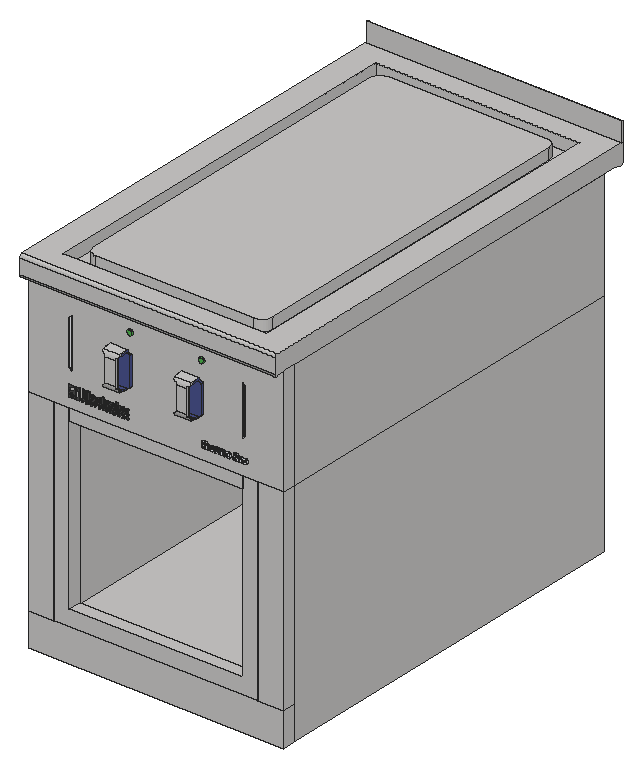
Revit family "QF_ELECTROLUXPROFESSIONAL_588677_MBTDGBEDAO", category Attrezzature speciali, Revit 2020
Family settings
  Quota connettore circolare = Usa diametro
  Tipo di parte = Normale
  Basato su piano di lavoro = No
  Sempre verticale = Sì
  Taglio con vuoti quando caricato = No
  Condiviso = No
  Punto di calcolo locali = No
Parameters (values of type "Standard")
  Weight = 90.00 kg
  Watts = 6000 W
  Volts = 400 V
  URL Manufacturer = "https://www.electroluxprofessional.com/"
  URL = "https://www.electroluxprofessional.com/"
  Steam Supply Size = 0"
  Steam Supply Minimum Pressure = 0.00 psi
  Steam Supply Maximum Pressure = 0.00 psi
  Steam Consumption per Hour = 0
  Refrigeration Suction Line Size = 0 mm
  Refrigeration Liquid Line Size = 0 mm
  Refrigerant Compressor Remote = yes
  Prospetto di default = 0 mm
  Phase = 3
  Modello = "MBTDGBEDAO"
  Produttore = "Electrolux Professional"
  Length Actual = 500 mm  # constant formula
  Item Number = "588677"
  Hot Water Size = 0"
  Height Actual = 700 mm  # constant formula
  HP = "8 HP"
  Gas Size = 0"
  Gas KW = 0
  Gas Input Pressure = 0.0 Btu/h
  Direct Waste Size = 0"
  Descrizione = "EL.FREE COOKING UNIT 1S,BSPL,500X850X700"
  Depth Actual = 850 mm  # constant formula
  Cycle = 50 Hz
  Condensate Return Size = 0"
  Compressed Air Volume = 0 GPM
  Compressed Air Size = 0"
  Compressed Air Pressure = 0.00 psi
  Cold Water Size = 0"
  Accessory = yes
Reference planes
  plane 1 "BACK": y = 0
  plane 2: z = 0
  plane 3 "LEFT": x = 0
  plane 4 "RIGHT": x = 500
  plane 5 "FRONT": y = -850
  plane 6 "TOP": z = 900
  plane 7 "Center (Left/Right)": x = 250
  plane 8: y = -425
  plane 9: y = -150
  plane 10: x = 50
  plane 11: x = 450
  plane 12: y = -42
  plane 13: y = -808
  plane 14 "EIx": x = 455
  plane 15 "EIy": y = -635
  plane 16: z = 938
  plane 17 "BaseTop": z = 650
  plane 18: y = -805
  plane 19 "Base": z = 200
Forms (mm)
  Extrusion 1, solid, material "QF_Finishes_Stainless Steel"
    sketch origin (-178.969, -4572, 100) x (-1, 0, 0) y (0, -1, 0)
      loop
        line (-178.969, -4527) -> (-178.969, -3767) -> (-678.969, -3767) -> (-678.969, -4527) -> (-178.969, -4527)
    from 550 to 762.969
  Extrusion 2, solid, material "QF_Finishes_Stainless Steel"
    sketch origin (0, 0, 200) x (-1, 0, 0) y (0, -1, 0)
      loop
        circle (-455, 635) r 6.35
    from 0 to -11.851
  Extrusion 3, solid, material "QF_Finishes_Stainless Steel"
    sketch origin (250, 296.4, 1219.2) x (0, 1, 0) y (0, 0, 1)
      loop
        line (-296.4, -319.2) -> (-1141.4, -319.2)
        arc (-1141.4, -319.2) -> (-1144.935, -320.664) -> (-1146.4, -324.2) r 5
        line (-1146.4, -324.2) -> (-1146.4, -355.2)
        arc (-1146.4, -355.2) -> (-1144.971, -358.264) -> (-1141.705, -359.139) r 4
        line (-1141.705, -359.139) -> (-1126.4, -356.231) -> (-316.4, -356.231) -> (-301.094, -359.139)
        arc (-301.094, -359.139) -> (-297.829, -358.264) -> (-296.4, -355.2) r 4
        line (-296.4, -355.2) -> (-296.4, -319.2)
    from -250 to 250
  Extrusion 4, solid, material "QF_Finishes_Stainless Steel"
    sketch origin (0, 0, 900) x (-1, 0, 0) y (0, -1, 0)
      loop
        arc (-95, 67) -> (-80.858, 72.858) -> (-75, 87) r 20
        line (-75, 87) -> (-75, 763)
        arc (-75, 763) -> (-80.858, 777.142) -> (-95, 783) r 20
        line (-95, 783) -> (-405, 783)
        arc (-405, 783) -> (-419.142, 777.142) -> (-425, 763) r 20
        line (-425, 763) -> (-425, 87)
        arc (-425, 87) -> (-419.142, 72.858) -> (-405, 67) r 20
        line (-405, 67) -> (-95, 67)
    from 1 to -20
  Extrusion 5, void
    sketch origin (0, 0, 900) x (-1, 0, 0) y (0, -1, 0)
      loop
        line (-50, 808) -> (-450, 808) -> (-450, 42) -> (-50, 42) -> (-50, 808)
    from 0 to -25
  Extrusion 6, solid, material "QF_Finishes_Stainless Steel"
    sketch origin (250, 296.4, 1219.2) x (0, 1, 0) y (0, 0, 1)
      loop
        line (-296.4, -319.2) -> (-296.4, -281.2) -> (-298.4, -281.2) -> (-298.4, -319.2) -> (-296.4, -319.2)
    from 250 to -250
Cuts and joins
  Extrusion 5 cuts Extrusion 3
Lines and regions (mm)
  symbolic lines
    curve 1: line (0, 0, 100) -> (500, 0, 100)
    curve 2: line (0, -850, 100) -> (0, 0, 100)
    curve 3: line (500, -850, 100) -> (0, -850, 100)
    curve 4: line (500, 0, 100) -> (500, -850, 100)
    curve 5: line (50, -808, 0) -> (450, -808, 0)
    curve 6: line (450, -808, 0) -> (450, -42, 0)
    curve 7: line (450, -42, 0) -> (50, -42, 0)
    curve 8: line (50, -42, 0) -> (50, -808, 0)
    curve 9: line (0, -2, 0) -> (500, -2, 0)
Dimensions and locks
  plane 3 "LEFT" to plane 4 "RIGHT" = 500 mm
  locked: plane 5 "FRONT" to plane 1 "BACK" at 850
  equal spacing: plane 3 "LEFT", plane 7 "Center (Left/Right)", plane 4 "RIGHT"
  equal spacing: plane 5 "FRONT", plane 8, plane 1 "BACK"
  plane 6 "TOP" to level = 900 mm  (x2)
  plane 1 "BACK" to plane 9 = 150 mm
  plane 1 "BACK" to Extrusion 2 = 635 mm
  locked: plane 14 "EIx" to plane 4 "RIGHT" at 45
  locked: plane 15 "EIy" to plane 1 "BACK" at 635
  plane 16 to plane 6 "TOP" = 38 mm
  plane 12 to plane 1 "BACK" = 42 mm
  plane 5 "FRONT" to plane 13 = 42 mm
  plane 3 "LEFT" to plane 10 = 50 mm
  plane 11 to plane 4 "RIGHT" = 50 mm
  locked: plane 6 "TOP" to plane 17 "BaseTop" at 250
  locked: plane 18 to plane 5 "FRONT" at 45
  aligned and locked: level to plane 2
  aligned and locked: cut or joined group of Extrusion 3, Extrusion 5 to plane 3 "LEFT"
  aligned and locked: cut or joined group of Extrusion 3, Extrusion 5 to plane 4 "RIGHT"
  aligned and locked: Extrusion 5 sketch curve to plane 10
  aligned and locked: plane 12 to Extrusion 5 sketch curve
  aligned and locked: plane 11 to Extrusion 5 sketch curve
  aligned and locked: Extrusion 5 sketch curve to plane 13
  aligned and locked: nested 1 to plane 18
  aligned and locked: Extrusion 1 to plane 18
  aligned and locked: Extrusion 6 to plane 3 "LEFT"
  aligned and locked: Extrusion 6 to plane 4 "RIGHT"
  aligned and locked: plane 3 "LEFT" to nested 1
  aligned and locked: plane 3 "LEFT" to nested 2
  aligned and locked: Extrusion 1 to nested 2
Automatic sketch dimensions
  Extrusion 3 sketch curve to plane 5 "FRONT" = 0 mm
  Extrusion 3 sketch curve to plane 6 "TOP" = 0 mm
  Extrusion 3 sketch curve to plane 1 "BACK" = 0 mm
  Extrusion 3 sketch curve to plane 5 "FRONT" = 4 mm
  Extrusion 3 sketch curve to Extrusion 3 sketch curve = 0.695 mm
  Extrusion 3 sketch curve to plane 5 "FRONT" = 5 mm
  Extrusion 3 sketch curve to Extrusion 3 sketch curve = 15.305 mm
  plane 1 "BACK" to Extrusion 3 sketch curve = 20 mm
  plane 1 "BACK" to Extrusion 3 sketch curve = 4.695 mm
  Extrusion 3 sketch curve to Extrusion 3 sketch curve = 4 mm
  Extrusion 3 sketch curve to Extrusion 3 sketch curve = 31 mm
  Extrusion 3 sketch curve to plane 6 "TOP" = 36 mm
  Extrusion 3 sketch curve to Extrusion 3 sketch curve = 2.909 mm
  Extrusion 1 sketch curve to plane 4 "RIGHT" = 0 mm
  Extrusion 1 sketch curve to plane 3 "LEFT" = 0 mm
  plane 1 "BACK" to Extrusion 1 sketch curve = 45 mm
  plane 1 "BACK" to curve 1 = 0 mm
  curve 1 to plane 4 "RIGHT" = 0 mm
  curve 2 to plane 3 "LEFT" = 0 mm
  plane 5 "FRONT" to curve 3 = 0 mm
  Extrusion 1 sketch curve to plane 5 "FRONT" = 45 mm
  Extrusion 6 sketch curve to plane 6 "TOP" = 0 mm
  Extrusion 6 sketch curve to plane 16 = 0 mm
  Extrusion 6 sketch curve to plane 1 "BACK" = 0 mm
  Extrusion 6 sketch curve to Extrusion 6 sketch curve = 2 mm
  curve 9 to plane 3 "LEFT" = 0 mm
  curve 5 to plane 10 = 0 mm
  curve 6 to plane 11 = 0 mm
  curve 9 to plane 4 "RIGHT" = 0 mm
  plane 13 to curve 5 = 0 mm
  plane 12 to curve 7 = 0 mm
  plane 1 "BACK" to curve 9 = 2 mm
  plane 11 to Extrusion 4 sketch curve = 25 mm
  Extrusion 4 sketch curve to Extrusion 4 sketch curve = 20 mm  (x3)
  plane 9 to Extrusion 4 sketch curve = 63 mm
  Extrusion 4 sketch curve to plane 10 = 45 mm
  Extrusion 4 sketch curve to plane 13 = 45 mm  (x2)
  Extrusion 2 sketch curve to plane 14 "EIx" = 0 mm
  Extrusion 2 sketch curve to plane 15 "EIy" = 0 mm
  radius of Extrusion 2 sketch curve = 6.35 mm
Nested families
  nested 1: "Front_Panel_W500_2 Knobs_2Spie" at (52.376, -805, 0), type "Front_Panel_W500_2 Knobs_2Spie"
  nested 2: "QF_ELECTROLUXPROFESSIONAL_588641_MB1NCAEOOO" at (0, 0, 0), type "QF_ELECTROLUXPROFESSIONAL_588641_MB1NCAEOOO"
    with Type Mark "", Specification by User "", Revision Code "", Item Number "", Installed By "", Identify Quantity as Lot yes, Furnished By "", Foodservice Equipment Identifier yes
Connectors
  electrical at (455, -635, 188.149)
    settings: on Extrusion 2, index 1, voltage 400 V, apparent load 33000 VA, apparent load phase1 0 VA, apparent load phase2 0 VA, apparent load phase3 0 VA, power factor 1, load classification "Other", number of poles 1, system type 30, power factor state 1, is connector primary yes, connector utility no, sub classification motor no, connector description "ELECTRICAL CONNECTION"
Definition of nested family "Front_Panel_W500_2 Knobs_2Spie"
  Parameters
    Default Elevation = 0 mm
  Reference planes
    plane 1 "Center (Front/Back)": y = 0
    plane 2: z = 0
    plane 3 "Center (Left/Right)": x = 197.624
    plane 4 "Left": x = -52.376
    plane 5 "Right": x = 447.624
    plane 6: y = -45
    plane 7 "Panel": y = -25
  Forms (mm)
    Extrusion 1, solid
      sketch origin (833.217, 829.203, -1.25) x (0, 1, 0) y (0, 0, 1)
        loop
          line (-854.203, 651.25) -> (-829.203, 651.25) -> (-829.203, 864.25) -> (-854.203, 864.25) -> (-854.203, 651.25)
      from -885.593 to -385.593
    Extrusion 2, void
      sketch origin (0, -25, -10) x (0, 0, 1) y (-1, 0, 0)
        loop
          line (731.866, -27.624) -> (726.866, -32.624) -> (823.866, -32.624) -> (818.866, -27.624) -> (731.866, -27.624)
        loop
          line (731.866, -372.624) -> (818.866, -372.624) -> (823.866, -367.624) -> (726.866, -367.624) -> (731.866, -372.624)
      from 0 to -2
    Extrusion 3, solid
      sketch origin (160, -25, 1.163) x (0, 0, 1) y (-1, 0, 0)
        loop
          circle (824.337, 12.376) r 5
      from 0 to 1.7
    Extrusion 4, solid
      sketch origin (0, -25, -10) x (0, 0, 1) y (-1, 0, 0)
        loop
          line (731.866, -27.624) -> (726.866, -32.624) -> (823.866, -32.624) -> (818.866, -27.624) -> (731.866, -27.624)
        loop
          line (726.866, -367.624) -> (731.866, -372.624) -> (818.866, -372.624) -> (823.866, -367.624) -> (726.866, -367.624)
      from 0 to -2
    Extrusion 5, solid
      sketch origin (300, -25, 1.163) x (0, 0, 1) y (-1, 0, 0)
        loop
          circle (824.337, 12.376) r 5
      from 0 to 1.7
  Cuts and joins
    Extrusion 2 cuts Extrusion 1
  Dimensions and locks
    equal spacing: plane 5 "Right", plane 3 "Center (Left/Right)", plane 4 "Left"
    plane 5 "Right" to plane 4 "Left" = 500 mm
    aligned and locked: cut or joined group of Extrusion 1, Extrusion 2 to plane 4 "Left"
    aligned and locked: plane 5 "Right" to cut or joined group of Extrusion 1, Extrusion 2
  Automatic sketch dimensions
    Extrusion 1 sketch curve to plane 7 "Panel" = 0 mm
    Extrusion 1 sketch curve to plane 1 "Center (Front/Back)" = 0 mm
    level to Extrusion 1 sketch curve = 650 mm
    Extrusion 1 sketch curve to Extrusion 1 sketch curve = 213 mm
    Extrusion 2 sketch curve to plane 5 "Right" = 80 mm
    level to Extrusion 2 sketch curve = 716.866 mm
    plane 4 "Left" to Extrusion 2 sketch curve = 85 mm
    Extrusion 2 sketch curve to Extrusion 2 sketch curve = 0 mm
    plane 4 "Left" to Extrusion 2 sketch curve = 80 mm
    Extrusion 2 sketch curve to Extrusion 2 sketch curve = 5 mm  (x4)
    Extrusion 2 sketch curve to plane 5 "Right" = 75 mm
    Extrusion 2 sketch curve to Extrusion 2 sketch curve = 87 mm  (x2)
    Extrusion 3 sketch curve to plane 3 "Center (Left/Right)" = 50 mm
    level to Extrusion 3 sketch curve = 825.5 mm
    Extrusion 4 sketch curve to plane 5 "Right" = 80 mm
    level to Extrusion 4 sketch curve = 716.866 mm
    plane 4 "Left" to Extrusion 4 sketch curve = 85 mm
    Extrusion 4 sketch curve to Extrusion 4 sketch curve = 0 mm
    Extrusion 4 sketch curve to Extrusion 4 sketch curve = 5 mm  (x5)
    plane 4 "Left" to Extrusion 4 sketch curve = 80 mm
    Extrusion 4 sketch curve to Extrusion 4 sketch curve = 87 mm  (x2)
    plane 3 "Center (Left/Right)" to Extrusion 5 sketch curve = 90 mm
    level to Extrusion 5 sketch curve = 825.5 mm
    radius of Extrusion 3 sketch curve = 5 mm
    radius of Extrusion 5 sketch curve = 5 mm
  Nested families
    nested 1: "Range Control Handle" at (127.624, -28.137, -209.113) x (-1, 0, 0) z (0, 0, 1), type "Range Control Handle"
    nested 2: "ELX_ThermaLine_Small" at (328.825, -25, 679.391) x (1, 0, 0) z (0, -1, 0), type "ELX_ThermaLine_Small"
      with Show Logo yes, Material_Logo none
    nested 3: "ELX_Professional_Logo_Small" at (87.097, -25, 681.624) x (1, 0, 0) z (0, -1, 0), type "ELX_Professional_Logo_Small"
      with Show Logo yes, Material_Logo none
    nested 4: "Range Control Handle" at (267.624, -28.137, -209.113) x (-1, 0, 0) z (0, 0, 1), type "Range Control Handle"
  Definition of nested family "Range Control Handle"
    Parameters
      Default Elevation = 0 mm
    Reference planes
      plane 1 "Center (Front/Back)": y = 0
      plane 2: z = 0
      plane 3 "Center (Left/Right)": x = 0
      plane 4: z = 971.092
      plane 5: y = -16.9
    Forms (mm)
      Extrusion 1, solid
        sketch origin (-746.28, 380.497, 208.931) x (-1, 0, 0) y (0, 0, 1)
          loop
            line (-770.101, 786.798) -> (-770.101, 731.649)
            arc (-770.101, 731.649) -> (-769.759, 730.563) -> (-768.855, 729.87) r 1.893
            line (-768.855, 729.87) -> (-763.474, 727.911) -> (-729.81, 727.911) -> (-724.428, 729.87)
            arc (-724.428, 729.87) -> (-723.525, 730.563) -> (-723.183, 731.649) r 1.893
            line (-723.183, 731.649) -> (-723.183, 786.798)
            arc (-723.183, 786.798) -> (-723.529, 787.894) -> (-724.44, 788.593) r 1.91
            line (-724.44, 788.593) -> (-729.683, 790.819) -> (-763.601, 790.819) -> (-768.844, 788.593)
            arc (-768.844, 788.593) -> (-769.755, 787.894) -> (-770.101, 786.798) r 1.91
        from -382.35 to -378.852
      Sweep 2, solid
        path origin (-746.788, 380.496, 208.091) x (0, -1, 0) y (0, 0, 1)
          loop
            line (379.775, 793.281) -> (395.661, 791.048)
            arc (395.661, 791.048) -> (397.781, 787.377) -> (398.517, 783.202) r 12.207
            line (398.517, 783.202) -> (398.517, 737.368)
            arc (398.517, 737.368) -> (397.781, 733.193) -> (395.661, 729.522) r 12.207
            line (395.661, 729.522) -> (379.775, 727.289)
        profile origin (-746.788, -7.222, 1000.256) x (0, -0.139173, 0.990268) y (-1, 0, 0)
          loop
            line (0.782, -763.123) -> (0.782, -730.907) -> (-1.322, -730.907) -> (-1.322, -763.123) -> (0.782, -763.123)
      Sweep 3, solid
        path origin (-746.788, 380.715, 207.832) x (0, -1, 0) y (0, 0, 1)
          loop
            line (380.478, 795.442) -> (397.218, 793.09)
            arc (397.218, 793.09) -> (399.929, 788.473) -> (400.871, 783.202) r 15.207
            line (400.871, 783.202) -> (400.871, 737.584)
            arc (400.871, 737.584) -> (399.914, 732.274) -> (397.164, 727.633) r 15.207
            line (397.164, 727.633) -> (380.601, 725.305)
        profile origin (-746.788, -8.132, 1002.099) x (0, -0.139173, 0.990268) y (-1, 0, 0)
          loop
            line (0.782, -763.123) -> (0.782, -730.907) -> (-1.322, -730.907) -> (-1.322, -763.123) -> (0.782, -763.123)
      Extrusion 4, void
        sketch origin (889.253, 220.666, 207.993) x (1, 0, 0) y (0, 0, 1)
          loop
            line (-943.038, 816.854) -> (-943.038, 703.686) -> (-899.466, 734.196) -> (-899.466, 786.344) -> (-943.038, 816.854)
        from 230.636 to 242.25
      Extrusion 5, void
        sketch origin (-888.8, 220.666, 207.993) x (-1, 0, 0) y (0, 0, -1)
          loop
            line (-943.038, -816.854) -> (-899.466, -786.344) -> (-899.466, -734.196) -> (-943.038, -703.686) -> (-943.038, -816.854)
        from 230.636 to 242.25
      Extrusion 6, solid
        sketch origin (0, 0, 0) x (1, 0, 0) y (0, 0, 1)
          loop
            circle (0, 971.092) r 7.736
        from -3.137 to -1.645
    Cuts and joins
      Extrusion 4, Extrusion 5 cuts Sweep 3
      Extrusion 4, Extrusion 5 cuts Sweep 2
      joined: Extrusion 1, Extrusion 6
    Lines and regions (mm)
      symbolic lines
        curve 1: line (16.334, -16.9, 0) -> (16.334, -19.227, 0)
        curve 2: spline (16.334, -19.227, 0) -> (15.87, -19.385, 0) -> (15.404, -19.536, 0) -> (14.936, -19.678, 0) -> (14.466, -19.813, 0) -> (13.995, -19.94, 0) -> (13.523, -20.059, 0) -> (13.049, -20.171, 0) -> (12.575, -20.274, 0) -> (12.099, -20.37, 0) -> (11.622, -20.458, 0) -> (11.144, -20.537, 0) -> (10.666, -20.609, 0)
        curve 3: line (10.666, -16.9, 0) -> (10.666, -20.938, 0)
        curve 4: line (-10.213, -20.938, 0) -> (10.666, -20.938, 0)
        curve 5: line (-10.213, -20.938, 0) -> (-10.213, -16.9, 0)
        curve 6: spline (-10.213, -20.609, 0) -> (-10.691, -20.537, 0) -> (-11.169, -20.458, 0) -> (-11.646, -20.37, 0) -> (-12.122, -20.274, 0) -> (-12.597, -20.171, 0) -> (-13.07, -20.059, 0) -> (-13.542, -19.94, 0) -> (-14.013, -19.813, 0) -> (-14.483, -19.678, 0) -> (-14.951, -19.536, 0) -> (-15.417, -19.385, 0) -> (-15.881, -19.227, 0)
        curve 7: line (-15.881, -19.227, 0) -> (-15.881, -16.9, 0)
  Definition of nested family "ELX_ThermaLine_Small"
    Parameters
      Show Logo [instance] = yes
      Material_Logo [instance] = none
      Default Elevation = 0 mm
    Reference planes
      plane 1 "Centro (Fronte/Retro)": y = 0
      plane 2: z = 0
      plane 3 "Centro (Sinistra/Destra)": x = 0
    Forms (mm)
      Extrusion 1, solid
        sketch origin (0, 0, 0) x (1, 0, 0) y (0, 1, 0)
          loop
            line (-1219.2, 1219.2) -> (-1219.2, -1219.2) -> (1219.2, -1219.2) -> (1219.2, 1219.2) -> (-1219.2, 1219.2)
        from 0 to -304.8
      Extrusion 2, solid
        sketch origin (0, 0, 0) x (1, 0, 0) y (0, 1, 0)
          loop
            line (-37.494, 1.229) -> (-35.908, 1.229) -> (-35.908, 3.066) -> (-37.494, 3.066) -> (-37.494, 6.221) -> (-39.867, 4.881) -> (-39.867, 3.066) -> (-40.969, 3.066) -> (-40.969, 1.229) -> (-39.867, 1.229) -> (-39.867, -3.407)
            arc (-39.867, -3.407) -> (-38.982, -5.513) -> (-36.751, -6.001) r 2.478
            line (-36.751, -6.001) -> (-35.638, -5.7) -> (-35.9, -3.835) -> (-36.661, -4.039)
            arc (-36.661, -4.039) -> (-37.236, -3.924) -> (-37.494, -3.399) r 0.662
            line (-37.494, -3.399) -> (-37.494, 1.229)
          loop
            line (-34.242, 6.539) -> (-34.242, -5.848) -> (-31.854, -5.848) -> (-31.854, -0.078)
            arc (-31.854, -0.078) -> (-30.939, 1.249) -> (-29.33, 1.367) r 1.866
            arc (-29.33, 1.367) -> (-28.695, 0.768) -> (-28.461, -0.073) r 1.627
            line (-28.461, -0.073) -> (-28.461, -5.848) -> (-26.086, -5.848) -> (-26.064, -0.46)
            arc (-26.064, -0.46) -> (-26.261, 0.932) -> (-26.786, 2.237) r 5.825
            arc (-26.786, 2.237) -> (-29.381, 3.264) -> (-31.854, 1.971) r 3.353
            line (-31.854, 1.971) -> (-31.854, 6.539) -> (-34.242, 6.539)
          loop
            arc (-18.398, -0.598) -> (-18.893, 0.879) -> (-20.326, 1.487) r 1.897
            arc (-20.326, 1.487) -> (-21.461, 0.708) -> (-21.897, -0.598) r 2.164
            line (-21.897, -0.598) -> (-18.398, -0.598)
          loop
            arc (-16.021, -2.044) -> (-16.754, 1.227) -> (-19.444, 3.226) r 4.814
            arc (-19.444, 3.226) -> (-22.137, 2.788) -> (-23.943, 0.743) r 4.054
            arc (-23.943, 0.743) -> (-24.382, -1.249) -> (-24.162, -3.276) r 6.289
            arc (-24.162, -3.276) -> (-23.302, -4.71) -> (-21.958, -5.705) r 4.28
            arc (-21.958, -5.705) -> (-18.558, -5.814) -> (-16.152, -3.409) r 4.28
            line (-16.152, -3.409) -> (-18.5, -2.995)
            arc (-18.5, -2.995) -> (-19.273, -3.994) -> (-20.533, -4.076) r 1.536
            arc (-20.533, -4.076) -> (-21.56, -3.281) -> (-21.958, -2.044) r 2.197
            line (-21.958, -2.044) -> (-16.021, -2.044)
          loop
            line (-14.165, -5.848) -> (-11.819, -5.848) -> (-11.819, -2.138)
            arc (-11.819, -2.138) -> (-11.787, -1.156) -> (-11.637, -0.185) r 8.18
            arc (-11.637, -0.185) -> (-10.644, 0.972) -> (-9.132, 0.776) r 1.603
            line (-9.132, 0.776) -> (-8.419, 2.846)
            arc (-8.419, 2.846) -> (-10.432, 3.118) -> (-11.994, 1.821) r 2.527
            line (-11.994, 1.821) -> (-11.994, 3.094) -> (-14.165, 3.094) -> (-14.165, -5.848)
          loop
            line (-7.579, 3.094) -> (-7.579, -5.848) -> (-5.178, -5.848) -> (-5.178, -0.756)
            arc (-5.178, -0.756) -> (-4.727, 0.679) -> (-3.417, 1.419) r 2.05
            arc (-3.417, 1.419) -> (-2.499, 0.908) -> (-2.155, -0.085) r 1.471
            line (-2.155, -0.085) -> (-2.155, -5.848) -> (0.23, -5.848) -> (0.23, -1.001)
            arc (0.23, -1.001) -> (0.47, 0.127) -> (1.148, 1.061) r 2.775
            arc (1.148, 1.061) -> (2.225, 1.329) -> (3.05, 0.587) r 1.182
            arc (3.05, 0.587) -> (3.199, -0.019) -> (3.214, -0.642) r 2.894
            line (3.214, -0.642) -> (3.214, -5.848) -> (5.601, -5.848) -> (5.601, 0.261)
            arc (5.601, 0.261) -> (4.87, 2.263) -> (2.976, 3.241) r 2.932
            arc (2.976, 3.241) -> (1.284, 2.973) -> (-0.047, 1.896) r 3.309
            arc (-0.047, 1.896) -> (-1.116, 2.865) -> (-2.506, 3.258) r 3.16
            arc (-2.506, 3.258) -> (-4.105, 2.942) -> (-5.376, 1.92) r 3.419
            line (-5.376, 1.92) -> (-5.376, 3.094) -> (-7.579, 3.094)
          loop
            line (7.583, 0.738) -> (9.702, 0.364)
            arc (9.702, 0.364) -> (11.441, 1.492) -> (12.855, -0.023) r 1.613
            line (12.855, -0.023) -> (9.782, -0.789)
            arc (9.782, -0.789) -> (8.559, -1.346) -> (7.617, -2.305) r 3.687
            arc (7.617, -2.305) -> (7.499, -3.681) -> (7.901, -5.003) r 3.651
            arc (7.901, -5.003) -> (9.107, -5.766) -> (10.515, -6.006) r 3.635
            arc (10.515, -6.006) -> (11.898, -5.697) -> (13.067, -4.895) r 3.734
            line (13.067, -4.895) -> (13.376, -5.848) -> (15.75, -5.848) -> (15.212, -4.193) -> (15.212, 0.38)
            arc (15.212, 0.38) -> (14.897, 1.849) -> (13.818, 2.895) r 2.585
            arc (13.818, 2.895) -> (11.792, 3.442) -> (9.719, 3.11) r 5.005
            arc (9.719, 3.11) -> (8.369, 2.178) -> (7.583, 0.738) r 3.54
          loop
            line (19.723, -5.848) -> (22.233, -5.848) -> (24.854, 6.484) -> (22.345, 6.484) -> (19.723, -5.848)
          loop
            line (24.583, -5.848) -> (26.953, -5.848) -> (28.848, 3.066) -> (26.478, 3.066) -> (24.583, -5.848)
          loop
            line (27.204, 6.484) -> (26.741, 4.305) -> (29.111, 4.305) -> (29.575, 6.484) -> (27.204, 6.484)
          loop
            line (29.355, -5.848) -> (31.849, -5.848) -> (33.098, 0.028)
            arc (33.098, 0.028) -> (34.169, 1.306) -> (35.832, 1.422) r 2.132
            arc (35.832, 1.422) -> (36.324, 0.752) -> (36.383, -0.078) r 1.5
            line (36.383, -0.078) -> (35.157, -5.848) -> (37.536, -5.848) -> (38.936, 0.738)
            arc (38.936, 0.738) -> (38.775, 2.091) -> (37.825, 3.066) r 2.118
            arc (37.825, 3.066) -> (35.392, 3.175) -> (33.295, 1.937) r 4.271
            line (33.295, 1.937) -> (33.535, 3.066) -> (31.25, 3.066) -> (29.355, -5.848)
          loop
            line (42.792, -0.64) -> (46.589, -0.64)
            arc (46.589, -0.64) -> (46.639, 0.124) -> (46.327, 0.823) r 1.589
            arc (46.327, 0.823) -> (45.117, 1.521) -> (43.762, 1.183) r 1.865
            arc (43.762, 1.183) -> (43.141, 0.344) -> (42.792, -0.64) r 3.538
          loop
            line (42.565, -2.138) -> (48.593, -2.138)
            arc (48.593, -2.138) -> (48.58, 0.597) -> (46.983, 2.818) r 4.494
            arc (46.983, 2.818) -> (44.191, 3.28) -> (41.725, 1.891) r 4.26
            arc (41.725, 1.891) -> (40.503, -0.3) -> (40.284, -2.799) r 6.003
            arc (40.284, -2.799) -> (40.959, -4.468) -> (42.377, -5.576) r 3.482
            arc (42.377, -5.576) -> (44.265, -5.961) -> (46.152, -5.576) r 4.823
            arc (46.152, -5.576) -> (47.432, -4.731) -> (48.328, -3.485) r 4.245
            line (48.328, -3.485) -> (46.168, -3.105)
            arc (46.168, -3.105) -> (45.214, -4.072) -> (43.859, -4.181) r 1.953
            arc (43.859, -4.181) -> (42.821, -3.408) -> (42.565, -2.138) r 1.81
          loop
            line (12.868, -1.553) -> (10.216, -2.214)
            arc (10.216, -2.214) -> (9.747, -3.136) -> (10.216, -4.058) r 1.14
            arc (10.216, -4.058) -> (11.537, -4.249) -> (12.614, -3.46) r 1.763
            arc (12.614, -3.46) -> (12.858, -2.522) -> (12.868, -1.553) r 3.97
        from 0 to 1.6
    Dimensions and locks
      aligned and locked: plane 2 to Extrusion 1
      aligned and locked: level to Extrusion 1
  Definition of nested family "ELX_Professional_Logo_Small"
    Parameters
      Show Logo [instance] = yes
      Material_Logo [instance] = none
      Default Elevation = 0 mm
    Reference planes
      plane 1 "Centro (Fronte/Retro)": y = 0
      plane 2: z = 0
      plane 3 "Centro (Sinistra/Destra)": x = 0
    Forms (mm)
      Extrusion 1, solid
        sketch origin (0, 0, 0) x (1, 0, 0) y (0, 1, 0)
          loop
            line (-1219.2, 1219.2) -> (-1219.2, -1219.2) -> (1219.2, -1219.2) -> (1219.2, 1219.2) -> (-1219.2, 1219.2)
        from 0 to -304.8
      Extrusion 2, solid, material <- "Material_Logo"
        sketch origin (15.5, 0, 0) x (1, 0, 0) y (0, 1, 0)
          loop
            spline (-42.99, -1.24) -> (-43.195, -1.231) -> (-43.415, -1.203) -> (-43.642, -1.152) -> (-43.87, -1.074) -> (-44.095, -0.966) -> (-44.309, -0.825) -> (-44.506, -0.647) -> (-44.681, -0.429) -> (-44.828, -0.167) -> (-44.94, 0.142) -> (-45.011, 0.501) -> (-45.037, 0.915)
            line (-45.037, 0.915) -> (-45.037, 2.748) -> (-38.984, 2.748) -> (-38.984, 5.086) -> (-45.038, 5.086) -> (-45.038, 8.489) -> (-38.599, 8.489) -> (-38.599, 10.82) -> (-47.515, 10.82) -> (-47.515, 1.021)
            spline (-47.515, 1.021) -> (-47.493, 0.418) -> (-47.425, -0.15) -> (-47.311, -0.682) -> (-47.15, -1.175) -> (-46.939, -1.628) -> (-46.678, -2.038) -> (-46.365, -2.404) -> (-46, -2.723) -> (-45.58, -2.995) -> (-45.105, -3.216) -> (-44.573, -3.385) -> (-43.983, -3.499)
            line (-43.983, -3.499) -> (-43.01, -3.569) -> (-38.426, -3.569) -> (-38.426, -1.24) -> (-42.99, -1.24)
          loop
            line (-36.666, 4.021) -> (-36.666, -3.573) -> (-34.188, -3.573) -> (-34.188, 10.824) -> (-36.666, 10.824) -> (-36.666, 4.021)
          loop
            spline (-21.915, 1.897) -> (-21.957, 2.615) -> (-22.082, 3.303) -> (-22.285, 3.955) -> (-22.563, 4.564) -> (-22.913, 5.124) -> (-23.331, 5.629) -> (-23.814, 6.074) -> (-24.359, 6.451) -> (-24.961, 6.755) -> (-25.618, 6.98) -> (-26.326, 7.119) -> (-27.081, 7.167)
            spline (-27.081, 7.167) -> (-27.853, 7.122) -> (-28.586, 6.99) -> (-29.275, 6.774) -> (-29.915, 6.478) -> (-30.5, 6.104) -> (-31.024, 5.657) -> (-31.483, 5.138) -> (-31.871, 4.553) -> (-32.182, 3.904) -> (-32.411, 3.194) -> (-32.552, 2.427) -> (-32.6, 1.606)
            spline (-32.6, 1.606) -> (-32.553, 0.805) -> (-32.416, 0.057) -> (-32.193, -0.637) -> (-31.887, -1.271) -> (-31.504, -1.843) -> (-31.048, -2.35) -> (-30.523, -2.788) -> (-29.934, -3.154) -> (-29.284, -3.444) -> (-28.579, -3.656) -> (-27.822, -3.785) -> (-27.019, -3.829)
            spline (-27.019, -3.829) -> (-26.627, -3.82) -> (-26.239, -3.79) -> (-25.856, -3.739) -> (-25.477, -3.663) -> (-25.103, -3.562) -> (-24.734, -3.432) -> (-24.369, -3.273) -> (-24.01, -3.082) -> (-23.655, -2.858) -> (-23.305, -2.597) -> (-22.96, -2.299) -> (-22.621, -1.962)
            line (-22.621, -1.962) -> (-24.114, -0.509)
            spline (-24.114, -0.509) -> (-24.311, -0.699) -> (-24.509, -0.872) -> (-24.71, -1.03) -> (-24.915, -1.172) -> (-25.126, -1.297) -> (-25.346, -1.407) -> (-25.576, -1.5) -> (-25.817, -1.576) -> (-26.072, -1.636) -> (-26.342, -1.678) -> (-26.629, -1.704) -> (-26.936, -1.713)
            spline (-26.936, -1.713) -> (-27.384, -1.691) -> (-27.805, -1.625) -> (-28.196, -1.518) -> (-28.556, -1.372) -> (-28.882, -1.187) -> (-29.174, -0.966) -> (-29.429, -0.71) -> (-29.645, -0.422) -> (-29.821, -0.102) -> (-29.955, 0.247) -> (-30.045, 0.623) -> (-30.089, 1.026)
            line (-30.089, 1.026) -> (-21.956, 1.026) -> (-21.915, 1.897)
          loop
            spline (-24.446, 2.769) -> (-24.47, 3.075) -> (-24.54, 3.37) -> (-24.654, 3.65) -> (-24.807, 3.913) -> (-24.996, 4.156) -> (-25.219, 4.376) -> (-25.472, 4.57) -> (-25.753, 4.736) -> (-26.057, 4.869) -> (-26.382, 4.968) -> (-26.724, 5.03) -> (-27.081, 5.051)
            spline (-27.081, 5.051) -> (-27.464, 5.03) -> (-27.832, 4.97) -> (-28.183, 4.872) -> (-28.513, 4.74) -> (-28.819, 4.577) -> (-29.099, 4.384) -> (-29.347, 4.165) -> (-29.563, 3.923) -> (-29.742, 3.659) -> (-29.881, 3.377) -> (-29.977, 3.079) -> (-30.027, 2.769)
            line (-30.027, 2.769) -> (-24.446, 2.769)
          loop
            spline (-18.167, 1.669) -> (-18.138, 2.13) -> (-18.055, 2.567) -> (-17.921, 2.978) -> (-17.739, 3.358) -> (-17.512, 3.705) -> (-17.243, 4.016) -> (-16.937, 4.287) -> (-16.596, 4.517) -> (-16.223, 4.7) -> (-15.823, 4.835) -> (-15.398, 4.919) -> (-14.951, 4.947)
            spline (-14.951, 4.947) -> (-14.677, 4.938) -> (-14.414, 4.913) -> (-14.162, 4.871) -> (-13.921, 4.812) -> (-13.69, 4.738) -> (-13.467, 4.649) -> (-13.254, 4.544) -> (-13.048, 4.424) -> (-12.85, 4.291) -> (-12.659, 4.143) -> (-12.474, 3.981) -> (-12.295, 3.806)
            line (-12.295, 3.806) -> (-10.76, 5.403)
            spline (-10.76, 5.403) -> (-11.065, 5.709) -> (-11.38, 5.984) -> (-11.703, 6.228) -> (-12.035, 6.443) -> (-12.375, 6.63) -> (-12.723, 6.788) -> (-13.078, 6.92) -> (-13.44, 7.026) -> (-13.809, 7.107) -> (-14.184, 7.164) -> (-14.564, 7.198) -> (-14.951, 7.209)
            spline (-14.951, 7.209) -> (-15.725, 7.161) -> (-16.467, 7.02) -> (-17.169, 6.792) -> (-17.826, 6.482) -> (-18.43, 6.096) -> (-18.976, 5.637) -> (-19.455, 5.112) -> (-19.862, 4.525) -> (-20.19, 3.882) -> (-20.433, 3.189) -> (-20.584, 2.449) -> (-20.635, 1.669)
            spline (-20.635, 1.669) -> (-20.584, 0.889) -> (-20.433, 0.149) -> (-20.19, -0.545) -> (-19.862, -1.187) -> (-19.455, -1.774) -> (-18.976, -2.299) -> (-18.43, -2.758) -> (-17.826, -3.145) -> (-17.169, -3.454) -> (-16.467, -3.682) -> (-15.725, -3.823) -> (-14.951, -3.871)
            spline (-14.951, -3.871) -> (-14.564, -3.86) -> (-14.184, -3.826) -> (-13.809, -3.77) -> (-13.44, -3.689) -> (-13.078, -3.583) -> (-12.723, -3.451) -> (-12.375, -3.292) -> (-12.035, -3.105) -> (-11.703, -2.89) -> (-11.38, -2.646) -> (-11.065, -2.371) -> (-10.76, -2.066)
            line (-10.76, -2.066) -> (-12.295, -0.468)
            spline (-12.295, -0.468) -> (-12.474, -0.643) -> (-12.659, -0.805) -> (-12.85, -0.953) -> (-13.048, -1.087) -> (-13.254, -1.206) -> (-13.467, -1.311) -> (-13.69, -1.4) -> (-13.921, -1.475) -> (-14.162, -1.533) -> (-14.414, -1.575) -> (-14.677, -1.6) -> (-14.951, -1.609)
            spline (-14.951, -1.609) -> (-15.398, -1.581) -> (-15.823, -1.497) -> (-16.223, -1.362) -> (-16.596, -1.179) -> (-16.937, -0.95) -> (-17.243, -0.678) -> (-17.512, -0.367) -> (-17.739, -0.02) -> (-17.921, 0.36) -> (-18.055, 0.771) -> (-18.138, 1.208) -> (-18.167, 1.669)
          loop
            spline (-4.441, -1.243) -> (-4.659, -1.247) -> (-4.894, -1.23) -> (-5.137, -1.19) -> (-5.384, -1.121) -> (-5.628, -1.021) -> (-5.864, -0.884) -> (-6.084, -0.708) -> (-6.283, -0.488) -> (-6.454, -0.219) -> (-6.592, 0.101) -> (-6.69, 0.478) -> (-6.742, 0.914)
            line (-6.742, 0.914) -> (-6.742, 4.587) -> (-4.487, 4.587) -> (-4.487, 6.838) -> (-6.738, 6.838) -> (-6.738, 10.824) -> (-9.217, 10.824) -> (-9.217, 0.773)
            spline (-9.217, 0.773) -> (-9.164, 0.19) -> (-9.068, -0.358) -> (-8.928, -0.87) -> (-8.742, -1.343) -> (-8.511, -1.777) -> (-8.232, -2.168) -> (-7.904, -2.515) -> (-7.527, -2.816) -> (-7.098, -3.069) -> (-6.618, -3.273) -> (-6.084, -3.426) -> (-5.496, -3.525)
            line (-5.496, -3.525) -> (-4.45, -3.573) -> (-4.441, -1.243)
          loop
            spline (3.898, 6.983) -> (3.469, 7.009) -> (3.056, 7.001) -> (2.661, 6.961) -> (2.283, 6.888) -> (1.925, 6.785) -> (1.588, 6.652) -> (1.272, 6.49) -> (0.979, 6.301) -> (0.71, 6.085) -> (0.465, 5.844) -> (0.247, 5.578) -> (0.056, 5.289)
            line (0.056, 5.289) -> (0.056, 6.838) -> (-2.402, 6.838) -> (-2.402, -3.572) -> (0.056, -3.572) -> (0.056, 1.901)
            spline (0.056, 1.901) -> (0.079, 2.316) -> (0.145, 2.703) -> (0.254, 3.06) -> (0.404, 3.386) -> (0.592, 3.679) -> (0.818, 3.938) -> (1.08, 4.162) -> (1.375, 4.348) -> (1.703, 4.495) -> (2.062, 4.602) -> (2.45, 4.668) -> (2.865, 4.69)
            line (2.865, 4.69) -> (3.898, 4.586) -> (3.898, 6.983)
          loop
            spline (15.638, 1.633) -> (15.586, 2.396) -> (15.435, 3.124) -> (15.192, 3.81) -> (14.863, 4.449) -> (14.455, 5.034) -> (13.975, 5.56) -> (13.43, 6.021) -> (12.826, 6.411) -> (12.17, 6.724) -> (11.469, 6.955) -> (10.729, 7.098) -> (9.958, 7.147)
            spline (9.958, 7.147) -> (9.182, 7.098) -> (8.44, 6.955) -> (7.737, 6.724) -> (7.081, 6.411) -> (6.477, 6.021) -> (5.933, 5.56) -> (5.454, 5.034) -> (5.048, 4.449) -> (4.721, 3.81) -> (4.479, 3.124) -> (4.329, 2.396) -> (4.277, 1.633)
            spline (4.277, 1.633) -> (4.329, 0.869) -> (4.479, 0.141) -> (4.721, -0.544) -> (5.048, -1.183) -> (5.454, -1.768) -> (5.933, -2.294) -> (6.477, -2.755) -> (7.081, -3.145) -> (7.737, -3.459) -> (8.44, -3.69) -> (9.182, -3.833) -> (9.958, -3.882)
            spline (9.958, -3.882) -> (10.729, -3.833) -> (11.469, -3.69) -> (12.17, -3.459) -> (12.826, -3.145) -> (13.43, -2.755) -> (13.975, -2.294) -> (14.455, -1.768) -> (14.863, -1.183) -> (15.192, -0.544) -> (15.435, 0.141) -> (15.586, 0.869) -> (15.638, 1.633)
          loop
            spline (13.18, 1.633) -> (13.151, 2.083) -> (13.067, 2.513) -> (12.932, 2.918) -> (12.748, 3.296) -> (12.52, 3.642) -> (12.251, 3.954) -> (11.943, 4.227) -> (11.601, 4.459) -> (11.228, 4.645) -> (10.828, 4.782) -> (10.403, 4.867) -> (9.958, 4.896)
            spline (9.958, 4.896) -> (9.509, 4.867) -> (9.081, 4.782) -> (8.679, 4.645) -> (8.306, 4.459) -> (7.964, 4.227) -> (7.658, 3.954) -> (7.39, 3.642) -> (7.163, 3.296) -> (6.981, 2.918) -> (6.847, 2.513) -> (6.765, 2.083) -> (6.736, 1.633)
            spline (6.736, 1.633) -> (6.765, 1.182) -> (6.847, 0.753) -> (6.981, 0.347) -> (7.163, -0.031) -> (7.39, -0.377) -> (7.658, -0.689) -> (7.964, -0.962) -> (8.306, -1.193) -> (8.679, -1.38) -> (9.081, -1.517) -> (9.509, -1.602) -> (9.958, -1.631)
            spline (9.958, -1.631) -> (10.403, -1.602) -> (10.828, -1.517) -> (11.228, -1.38) -> (11.601, -1.193) -> (11.943, -0.962) -> (12.251, -0.689) -> (12.52, -0.377) -> (12.748, -0.031) -> (12.932, 0.347) -> (13.067, 0.753) -> (13.151, 1.182) -> (13.18, 1.633)
          loop
            line (17.162, 4.269) -> (17.162, -3.573) -> (19.642, -3.573) -> (19.642, 10.824) -> (17.162, 10.824) -> (17.162, 4.269)
          loop
            line (28.581, 6.838) -> (28.581, 0.786)
            spline (28.581, 0.786) -> (28.561, 0.393) -> (28.503, 0.038) -> (28.409, -0.279) -> (28.281, -0.559) -> (28.122, -0.802) -> (27.933, -1.011) -> (27.717, -1.185) -> (27.476, -1.325) -> (27.213, -1.433) -> (26.929, -1.509) -> (26.626, -1.554) -> (26.308, -1.569)
            spline (26.308, -1.569) -> (25.99, -1.554) -> (25.688, -1.509) -> (25.404, -1.434) -> (25.141, -1.326) -> (24.9, -1.187) -> (24.684, -1.014) -> (24.496, -0.807) -> (24.336, -0.565) -> (24.209, -0.288) -> (24.115, 0.026) -> (24.057, 0.376) -> (24.037, 0.765)
            line (24.037, 0.765) -> (24.037, 6.838) -> (21.537, 6.838) -> (21.537, 0.558)
            spline (21.537, 0.558) -> (21.581, -0.153) -> (21.71, -0.8) -> (21.916, -1.384) -> (22.195, -1.904) -> (22.54, -2.362) -> (22.944, -2.757) -> (23.403, -3.09) -> (23.909, -3.362) -> (24.456, -3.572) -> (25.04, -3.722) -> (25.652, -3.811) -> (26.288, -3.841)
            spline (26.288, -3.841) -> (26.929, -3.811) -> (27.547, -3.72) -> (28.135, -3.568) -> (28.687, -3.355) -> (29.197, -3.079) -> (29.66, -2.741) -> (30.068, -2.341) -> (30.415, -1.877) -> (30.696, -1.349) -> (30.905, -0.757) -> (31.034, -0.101) -> (31.079, 0.621)
            line (31.079, 0.621) -> (31.079, 6.838) -> (28.581, 6.838)
          loop
            line (40.457, -0.243) -> (38.894, 1.942) -> (40.83, 4.579) -> (42.488, 6.837) -> (39.782, 6.837) -> (37.53, 3.719) -> (35.258, 6.837) -> (32.573, 6.837) -> (34.113, 4.731) -> (36.167, 1.922) -> (34.014, -1.076) -> (32.222, -3.573) -> (34.887, -3.573) -> (37.53, 0.104) -> (40.174, -3.573) -> (42.839, -3.573) -> (40.457, -0.243)
          loop
            line (-46.121, -5.837) -> (-48.039, -5.837) -> (-48.039, -10.814) -> (-47.016, -10.814) -> (-47.016, -9.128) -> (-46.121, -9.128)
            arc (-46.121, -9.128) -> (-44.476, -7.482) -> (-46.121, -5.837) r 1.645
          loop
            line (-46.163, -6.778) -> (-47.016, -6.778) -> (-47.016, -8.187) -> (-46.163, -8.187)
            arc (-46.163, -8.187) -> (-45.458, -7.482) -> (-46.163, -6.778) r 0.704
          loop
            line (-38.313, -5.837) -> (-40.265, -5.837) -> (-40.265, -10.814) -> (-39.241, -10.814) -> (-39.241, -9.1) -> (-38.46, -9.182) -> (-37.48, -10.814) -> (-36.318, -10.814) -> (-37.513, -8.848)
            arc (-37.513, -8.848) -> (-36.888, -8.266) -> (-36.671, -7.441) r 1.536
            arc (-36.671, -7.441) -> (-37.165, -6.305) -> (-38.313, -5.837) r 1.643
          loop
            arc (-38.402, -8.166) -> (-37.707, -7.505) -> (-38.334, -6.778) r 0.696
            line (-38.334, -6.778) -> (-39.241, -6.778) -> (-39.241, -8.166) -> (-38.402, -8.166)
          loop
            circle (-29.965, -8.325) r 2.585
          loop
            circle (-29.965, -8.325) r 1.64
          loop
            line (-23.1, -5.837) -> (-23.1, -10.814) -> (-22.076, -10.814) -> (-22.076, -8.768) -> (-20.204, -8.768) -> (-20.204, -7.828) -> (-22.076, -7.828) -> (-22.076, -6.778) -> (-20.024, -6.778) -> (-20.024, -5.837) -> (-23.1, -5.837)
          loop
            line (-15.802, -5.837) -> (-15.802, -9.2)
            arc (-15.802, -9.2) -> (-15.343, -10.34) -> (-14.209, -10.814) r 1.593
            line (-14.209, -10.814) -> (-12.602, -10.814) -> (-12.602, -10.027) -> (-14.004, -10.027)
            arc (-14.004, -10.027) -> (-14.552, -9.8) -> (-14.779, -9.252) r 0.775
            line (-14.779, -9.252) -> (-14.779, -8.424) -> (-12.789, -8.424) -> (-12.789, -7.642) -> (-14.779, -7.642) -> (-14.779, -6.778) -> (-12.651, -6.778) -> (-12.651, -5.837) -> (-15.802, -5.837)
          loop
            line (-5.909, -7.143) -> (-5.173, -6.638)
            arc (-5.173, -6.638) -> (-5.855, -5.974) -> (-6.781, -5.755) r 1.782
            arc (-6.781, -5.755) -> (-7.397, -5.878) -> (-7.944, -6.189) r 1.974
            arc (-7.944, -6.189) -> (-8.202, -6.5) -> (-8.317, -6.888) r 1.013
            arc (-8.317, -6.888) -> (-8.306, -7.341) -> (-8.192, -7.78) r 1.985
            arc (-8.192, -7.78) -> (-7.749, -8.259) -> (-7.171, -8.563) r 1.928
            arc (-7.171, -8.563) -> (-6.637, -8.779) -> (-6.131, -9.056) r 5.041
            arc (-6.131, -9.056) -> (-5.934, -9.387) -> (-6.09, -9.74) r 0.42
            arc (-6.09, -9.74) -> (-6.631, -9.96) -> (-7.204, -9.845) r 1.016
            arc (-7.204, -9.845) -> (-7.625, -9.603) -> (-7.889, -9.196) r 1.033
            line (-7.889, -9.196) -> (-8.67, -9.686)
            arc (-8.67, -9.686) -> (-8.361, -10.198) -> (-7.908, -10.589) r 1.914
            arc (-7.908, -10.589) -> (-7.334, -10.834) -> (-6.714, -10.896) r 2.063
            arc (-6.714, -10.896) -> (-5.947, -10.743) -> (-5.256, -10.376) r 2.696
            arc (-5.256, -10.376) -> (-4.95, -9.565) -> (-5.108, -8.712) r 1.618
            arc (-5.108, -8.712) -> (-5.448, -8.319) -> (-5.884, -8.035) r 1.876
            arc (-5.884, -8.035) -> (-6.434, -7.789) -> (-6.999, -7.577) r 9.883
            arc (-6.999, -7.577) -> (-7.325, -7.07) -> (-6.854, -6.694) r 0.45
            arc (-6.854, -6.694) -> (-6.329, -6.809) -> (-5.909, -7.143) r 1.197
          loop
            line (1.61, -7.143) -> (2.345, -6.638)
            arc (2.345, -6.638) -> (1.663, -5.974) -> (0.737, -5.755) r 1.782
            arc (0.737, -5.755) -> (0.121, -5.878) -> (-0.425, -6.189) r 1.974
            arc (-0.425, -6.189) -> (-0.683, -6.5) -> (-0.799, -6.888) r 1.013
            arc (-0.799, -6.888) -> (-0.788, -7.341) -> (-0.674, -7.78) r 1.985
            arc (-0.674, -7.78) -> (-0.231, -8.259) -> (0.347, -8.563) r 1.928
            arc (0.347, -8.563) -> (0.881, -8.779) -> (1.387, -9.056) r 5.041
            arc (1.387, -9.056) -> (1.584, -9.387) -> (1.428, -9.74) r 0.42
            arc (1.428, -9.74) -> (0.887, -9.96) -> (0.314, -9.845) r 1.016
            arc (0.314, -9.845) -> (-0.107, -9.603) -> (-0.371, -9.196) r 1.033
            line (-0.371, -9.196) -> (-1.152, -9.686)
            arc (-1.152, -9.686) -> (-0.842, -10.198) -> (-0.39, -10.589) r 1.914
            arc (-0.39, -10.589) -> (0.184, -10.834) -> (0.804, -10.896) r 2.063
            arc (0.804, -10.896) -> (1.572, -10.743) -> (2.263, -10.376) r 2.696
            arc (2.263, -10.376) -> (2.568, -9.565) -> (2.411, -8.712) r 1.618
            arc (2.411, -8.712) -> (2.07, -8.319) -> (1.635, -8.035) r 1.876
            arc (1.635, -8.035) -> (1.084, -7.789) -> (0.519, -7.577) r 9.883
            arc (0.519, -7.577) -> (0.193, -7.07) -> (0.665, -6.694) r 0.45
            arc (0.665, -6.694) -> (1.189, -6.809) -> (1.61, -7.143) r 1.197
          loop
            line (6.801, -5.837) -> (6.801, -10.814) -> (7.825, -10.814) -> (7.825, -5.837) -> (6.801, -5.837)
          loop
            circle (14.724, -8.325) r 1.548
          loop
            circle (14.724, -8.325) r 2.585
          loop
            line (21.59, -10.814) -> (22.623, -10.814) -> (22.623, -7.685) -> (24.9, -10.814) -> (25.895, -10.814) -> (25.895, -5.837) -> (24.861, -5.837) -> (24.861, -9.061) -> (22.585, -5.837) -> (21.59, -5.837) -> (21.59, -10.814)
          loop
            line (31.054, -10.814) -> (31.539, -9.74) -> (33.38, -9.74) -> (33.865, -10.814) -> (34.965, -10.814) -> (32.46, -5.837) -> (29.956, -10.814) -> (31.054, -10.814)
          loop
            line (32.46, -7.698) -> (31.999, -8.719) -> (32.921, -8.719) -> (32.46, -7.698)
          loop
            line (40.047, -9.873) -> (40.047, -5.837) -> (39.024, -5.837) -> (39.024, -10.814) -> (41.961, -10.814) -> (41.961, -9.873) -> (40.047, -9.873)
          loop
            line (-74.986, -10.814) -> (-53.322, -10.814) -> (-53.322, 10.82) -> (-74.986, 10.82) -> (-74.986, -10.814)
          loop
            line (-61.261, 9.758) -> (-61.261, -9.707)
            arc (-61.261, -9.707) -> (-54.066, 0.025) -> (-61.261, 9.758) r 10.18
          loop
            line (-62.251, 8.349) -> (-62.251, 9.758)
            arc (-62.251, 9.758) -> (-70.347, 7.918) -> (-74.247, 0.59) r 9.976
            line (-74.247, 0.59) -> (-71.026, 0.59)
            arc (-71.026, 0.59) -> (-65.274, 2.925) -> (-62.251, 8.349) r 9.351
          loop
            arc (-74.247, -0.539) -> (-70.353, -7.928) -> (-62.251, -9.957) r 10.237
            line (-62.251, -9.957) -> (-62.251, -8.298)
            arc (-62.251, -8.298) -> (-65.274, -2.874) -> (-71.026, -0.539) r 9.351
            line (-71.026, -0.539) -> (-74.247, -0.539)
        from 0 to 1.644
    Dimensions and locks
      aligned and locked: plane 2 to Extrusion 1
      aligned and locked: level to Extrusion 1
Definition of nested family "QF_ELECTROLUXPROFESSIONAL_588641_MB1NCAEOOO"
  Parameters
    Weight in Pounds = 143.3
    URL Cutsheet = ""
    Type Mark [instance] = ""
    Specification by User [instance] = ""
    Specification by Manufacturer = ""
    Serial Number = ""
    Seismic Rating = ""
    SMACNA No = ""
    Revision Code [instance] = ""
    Default Elevation = 0 mm
    Omniclass Number and Title = ""
    NAFEM Spec ID Number = ""
    Model = "588641"
    Masterspec = ""
    Manufacturer = "Electrolux Professional"
    Item Number [instance] = ""
    Installed By [instance] = ""
    Identify Quantity as Lot [instance] = yes
    Furnished By [instance] = ""
    Foodservice Equipment Identifier [instance] = yes
    Description = ""
    CSI MasterFormat = ""
    CSI Master Format = ""
  Reference planes
    plane 1 "BACK": y = 0
    plane 2: z = 0
    plane 3 "LEFT": x = 0
    plane 4 "RIGHT": x = 500
    plane 5 "FRONT": y = -850
    plane 6 "PLAIN": z = 900
    plane 7 "Center (Left/Right)": x = 250
    plane 8 "Center (Front/Back)": y = -425
    plane 9 "TOP": z = 650
    plane 10 "BASE": z = 200
    plane 11: x = 422
    plane 12: x = 78
    plane 13 "Feet_back": y = -150
    plane 14 "Feet_Front": y = -720
    plane 15: x = 50
    plane 16: x = 450
    plane 17: z = 265
    plane 18: y = -45
    plane 19: y = -805
    plane 20: y = -70
    plane 21: y = -830
    plane 22 "ButtonZ": z = 590
  Forms (mm)
    Extrusion 1, solid
      sketch origin (0, 0, 650) x (0, 1, 0) y (0, 0, 1)
        loop
          line (-45, -450) -> (-45, 0) -> (-805, 0) -> (-805, -450) -> (-45, -450)
      from 0 to 500
    Extrusion 2, solid
      sketch origin (0, 0, 650) x (0, 1, 0) y (0, 0, 1)
        loop
          line (-830, -450) -> (-805, -450) -> (-805, -385) -> (-830, -385) -> (-830, -450)
      from 0 to 500
    Extrusion 3, void
      sketch origin (0, -850, 0) x (1, 0, 0) y (0, 0, 1)
        loop
          line (50, 650) -> (50, 265) -> (450, 265) -> (450, 650) -> (50, 650)
      from 0 to -780
    Extrusion 4, solid
      sketch origin (0, -850, 0) x (1, 0, 0) y (0, 0, 1)
        loop
          line (80, 650) -> (80, 627) -> (420, 627) -> (420, 650) -> (80, 650)
      from -20 to -805
    Extrusion 5, solid
      sketch origin (0, -850, 0) x (1, 0, 0) y (0, 0, 1)
        loop
          line (50, 650) -> (50, 265) -> (450, 265) -> (450, 650) -> (420, 650) -> (420, 295) -> (80, 295) -> (80, 650) -> (50, 650)
      from -45 to -780
    Extrusion 6, solid
      sketch origin (0, -850, 0) x (1, 0, 0) y (0, 0, 1)
        loop
          line (0, 650) -> (0, 265) -> (50, 265) -> (50, 650) -> (0, 650)
      from -20 to -45
    Extrusion 7, solid
      sketch origin (0, -850, 0) x (1, 0, 0) y (0, 0, 1)
        loop
          line (450, 650) -> (450, 265) -> (500, 265) -> (500, 650) -> (450, 650)
      from -20 to -45
    Extrusion 8, solid
      sketch origin (85, -850, 0) x (1, 0, 0) y (0, 0, 1)
        loop
          line (-35, 650) -> (-35, 265) -> (365, 265) -> (365, 650) -> (335, 650) -> (335, 297) -> (-5, 297) -> (-5, 650) -> (-35, 650)
      from -20 to -45
  Cuts and joins
    Extrusion 3 cuts Extrusion 1
    joined: Extrusion 1, Extrusion 4, Extrusion 5
  Lines and regions (mm)
    symbolic lines
      curve 1: line (0, 0, 0) -> (500, 0, 0)
      curve 2: line (0, -850, 0) -> (0, 0, 0)
      curve 3: line (500, -850, 0) -> (0, -850, 0)
      curve 4: line (500, 0, 0) -> (500, -850, 0)
  Dimensions and locks
    plane 3 "LEFT" to plane 4 "RIGHT" = 500 mm
    plane 5 "FRONT" to plane 1 "BACK" = 850 mm
    equal spacing: plane 3 "LEFT", plane 7 "Center (Left/Right)", plane 4 "RIGHT"
    equal spacing: plane 5 "FRONT", plane 8 "Center (Front/Back)", plane 1 "BACK"
    plane 6 "PLAIN" to plane 9 "TOP" = 250 mm
    plane 10 "BASE" to level = 200 mm
    plane 9 "TOP" to plane 10 "BASE" = 450 mm
    locked: plane 1 "BACK" to plane 13 "Feet_back" at 150
    locked: plane 14 "Feet_Front" to plane 5 "FRONT" at 130
    locked: plane 12 to plane 3 "LEFT" at 78
    locked: plane 11 to plane 4 "RIGHT" at 78
    plane 16 to plane 15 = 400 mm
    equal spacing: plane 16, plane 7 "Center (Left/Right)", plane 15
    locked: plane 17 to plane 10 "BASE" at 65
    locked: plane 1 "BACK" to plane 18 at 45
    plane 9 "TOP" to Extrusion 4 sketch curve = 23 mm
    locked: Extrusion 4 sketch curve to plane 15 at 30
    locked: plane 16 to Extrusion 4 sketch curve at 30
    locked: Extrusion 5 sketch curve to plane 17 at 30
    plane 6 "PLAIN" to level = 900 mm
    Extrusion 5 to Extrusion 5 = 340 mm
    locked: plane 18 to plane 20 at 25
    locked: plane 21 to plane 5 "FRONT" at 20
    locked: plane 19 to plane 21 at 25
    plane 18 to plane 21 = 785 mm
    plane 22 "ButtonZ" to level = 590 mm
    aligned and locked: level to plane 2
    aligned and locked: Extrusion 1 to plane 4 "RIGHT"
    aligned and locked: Extrusion 1 to plane 3 "LEFT"
    aligned and locked: Extrusion 2 to plane 4 "RIGHT"
    aligned and locked: plane 9 "TOP" to Extrusion 3 sketch curve
    aligned and locked: Extrusion 3 sketch curve to plane 15
    aligned and locked: plane 16 to Extrusion 3 sketch curve
    aligned and locked: Extrusion 2 to plane 10 "BASE"
    aligned and locked: Extrusion 2 to plane 17
    aligned and locked: plane 17 to Extrusion 3 sketch curve
    aligned and locked: Extrusion 4 to plane 18
    aligned and locked: Extrusion 5 sketch curve to plane 15
    aligned and locked: plane 16 to Extrusion 5 sketch curve
    aligned and locked: plane 9 "TOP" to Extrusion 5 sketch curve  (x2)
    aligned and locked: plane 17 to Extrusion 5 sketch curve
    aligned and locked: Extrusion 5 sketch curve to Extrusion 4  (x2)
    aligned and locked: Extrusion 6 sketch curve to plane 9 "TOP"
    aligned and locked: plane 3 "LEFT" to Extrusion 6 sketch curve
    aligned and locked: Extrusion 6 sketch curve to plane 17
    aligned and locked: Extrusion 6 sketch curve to plane 15
    aligned and locked: Extrusion 7 sketch curve to plane 9 "TOP"
    aligned and locked: plane 16 to Extrusion 7 sketch curve
    aligned and locked: Extrusion 7 sketch curve to plane 17
    aligned and locked: plane 4 "RIGHT" to Extrusion 7 sketch curve
    aligned and locked: Extrusion 5 to plane 20
    aligned and locked: cut or joined group of Extrusion 1, Extrusion 3, Extrusion 4, Extrusion 5 to plane 20
    aligned and locked: cut or joined group of Extrusion 1, Extrusion 3, Extrusion 4, Extrusion 5 to plane 18
    aligned and locked: Extrusion 6 to plane 19
    aligned and locked: plane 21 to Extrusion 6
    aligned and locked: plane 21 to Extrusion 7
    aligned and locked: Extrusion 7 to plane 19
    aligned and locked: Extrusion 2 to plane 19
    aligned and locked: plane 21 to Extrusion 2
    aligned and locked: plane 19 to cut or joined group of Extrusion 1, Extrusion 3, Extrusion 4, Extrusion 5
    aligned and locked: Extrusion 8 sketch curve to plane 16
    aligned and locked: plane 15 to Extrusion 8 sketch curve
    aligned and locked: Extrusion 8 sketch curve to plane 17
    aligned and locked: plane 21 to cut or joined group of Extrusion 1, Extrusion 3, Extrusion 4, Extrusion 5
  Automatic sketch dimensions
    curve 3 to plane 3 "LEFT" = 0 mm
    curve 3 to plane 4 "RIGHT" = 0 mm
    plane 5 "FRONT" to curve 3 = 0 mm
    plane 1 "BACK" to curve 2 = 0 mm
    Extrusion 1 sketch curve to plane 10 "BASE" = 0 mm
    plane 19 to Extrusion 1 sketch curve = 0 mm
    Extrusion 1 sketch curve to plane 18 = 0 mm
    Extrusion 1 sketch curve to plane 9 "TOP" = 0 mm
    plane 17 to Extrusion 2 sketch curve = 0 mm
    Extrusion 2 sketch curve to plane 21 = 0 mm
    Extrusion 2 sketch curve to plane 10 "BASE" = 0 mm
    Extrusion 2 sketch curve to plane 19 = 0 mm
    Extrusion 4 sketch curve to plane 9 "TOP" = 0 mm
    Extrusion 8 sketch curve to plane 9 "TOP" = 0 mm  (x2)
    plane 15 to Extrusion 8 sketch curve = 30 mm
    Extrusion 8 sketch curve to plane 16 = 30 mm
    Extrusion 8 sketch curve to plane 17 = 32 mm
